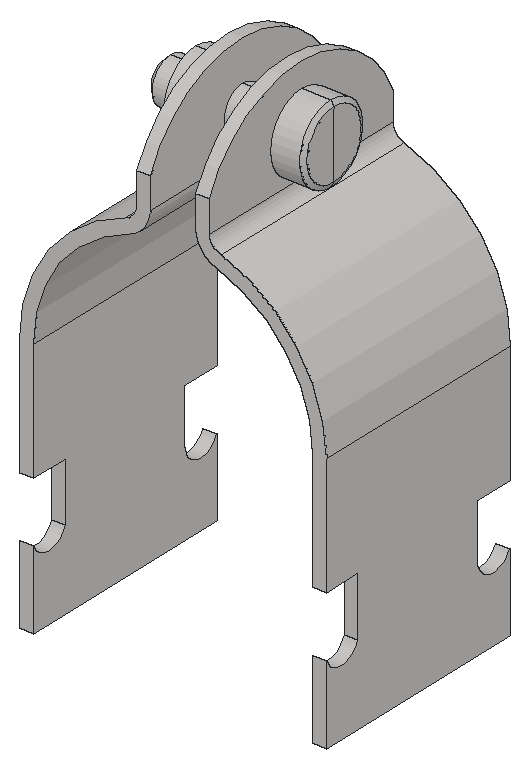
Revit family "Pipe-Clamp-Atkore-Thinwall-Conduit-P1429", category Specialty Equipment, Revit 2012
Parameters (values of type "P1429")
  ecoScorecard_data = ""
  ecoScorecard Product Page = ""
  Unit = Metal - Aluminum - Atkore - Electro - Galvanized
  URL = "http://unistrut.us/index.php"
  Thickness Gauge = 1.50 mm  # constant formula
  Subcategory = "Pipe Clamps"  # constant formula
  Product Page URL = ""
  Part Type = "Clamp"  # constant formula
  Part Number = "P1429"
  Overall Width = 42.73 mm
  Overall Height = 73.025 mm
  Overall Depth = 31.93 mm
  Outer Diameter = 38.40 mm
  Model = "P1429"  # constant formula
  Material = "Multiple Options - See Catalog"
  Manufacturer Toll Free Phone = "800-882-5543"  # constant formula
  Manufacturer Phone = "708-339-1610"  # constant formula
  Manufacturer Fax = "708-339-7814"  # constant formula
  Manufacturer Email = "mailto:questions@atkore.com"
  Manufacturer Address = "16100 South Lathrop Avenue, Harvey, IL 60426"  # constant formula
  Manufacturer = "Unistrut by Atkore International"  # constant formula
  Load Capacity Note = "Visit the product page for load application and capacity."  # constant formula
  Literature URL = ""
  Description = "Pipe Clamps For Thin Wall Conduit"  # constant formula
  Cost Info = "mailto:questions@atkore.com"
  Construction Note = ""
  Conduit Size = 31.80 mm
  CSI MasterSpec = ""
  CAD URL = ""
  Assembly Code = "D5090300"
  95 CSI = "16070"  # constant formula
  04 CSI = "26 05 48"  # constant formula
Reference planes
  plane 1 "Center (Front/Back)": y = 0
  plane 2: z = 0
  plane 3 "Center (Left/Right)": x = 0
  plane 4: y = 15.965
  plane 5: y = -15.965
  plane 6: x = -21.365
  plane 7: x = 21.365
  plane 8: z = 73.025
Dimensions and locks
  equal spacing: plane 4, plane 1 "Center (Front/Back)", plane 5
  "Overall Height": plane 8 to level
  "Overall Depth": plane 4 to plane 5
  "Overall Width": plane 6 to plane 7
  equal spacing: plane 6, plane 3 "Center (Left/Right)", plane 7
  aligned and locked: level to plane 2
  aligned and locked: plane 1 "Center (Front/Back)" to nested 1
  aligned and locked: plane 3 "Center (Left/Right)" to nested 1
Nested families
  nested 1: "P1429" at (0, 0, 0), type "P1429"
Definition of nested family "P1429"
  Parameters (values of type "P1429")
    Unit = none
    Thickness Gauge = 1.50 mm
    Outer Diameter = 38.40 mm
    Default Elevation = 1219.20 mm
    Conduit Size = 31.80 mm
  Reference planes
    plane 1 "Center (Front/Back)": y = 0
    plane 2: z = 0
    plane 3 "Center (Left/Right)": x = 0
    plane 4: y = -15.967
    plane 5: x = -21.352
    plane 6: x = 21.352
    plane 7: y = 15.967
    plane 8: z = 73.025
    plane 9: z = 19.431
    plane 10: z = 58.521
  Forms (mm)
    Extrusion 1, solid, material <- "Unit"
      sketch origin (0, 0, 0) x (0, 1, 0) y (0, 0, 1)
        loop
          line (15.967, 0) -> (15.967, 10.894)
          arc (15.967, 10.894) -> (12.601, 9.184) -> (10.227, 12.119) r 3.001
          line (10.227, 12.119) -> (10.227, 19.431) -> (-10.411, 19.431) -> (-10.411, 11.084)
          arc (-10.411, 11.084) -> (-13.125, 9.12) -> (-15.967, 10.894) r 3.001
          line (-15.967, 10.894) -> (-15.967, 0) -> (15.967, 0)
      from 19.447 to 21.352
    Extrusion 2, solid, material <- "Unit"
      sketch origin (0, 0, 0) x (1, 0, 0) y (0, 0, 1)
        loop
          arc (6.606, 56.42) -> (5.502, 57.223) -> (5.08, 58.521) r 2.21
          line (5.08, 58.521) -> (3.175, 58.521)
          arc (3.175, 58.521) -> (3.96, 56.103) -> (6.017, 54.608) r 4.115
          arc (6.017, 54.608) -> (15.735, 47.543) -> (19.447, 36.116) r 19.447
          line (19.447, 36.116) -> (19.447, 19.431) -> (21.352, 19.431) -> (21.352, 36.116)
          arc (21.352, 36.116) -> (17.277, 48.663) -> (6.606, 56.42) r 21.352
      from -15.967 to 15.967
    Extrusion 3, solid, material <- "Unit"
      sketch origin (0, 0, 0) x (0, 1, 0) y (0, 0, 1)
        loop
          line (-15.967, 62.837) -> (-15.967, 58.521) -> (15.967, 58.521) -> (15.967, 62.422)
          arc (15.967, 62.422) -> (0.135, 73.024) -> (-15.967, 62.837) r 17.462
      from 3.175 to 5.08
    Extrusion 4, solid, material <- "Unit"
      sketch origin (0, 0, 0) x (0, 1, 0) y (0, 0, -1)
        loop
          line (15.967, 0) -> (-15.967, 0) -> (-15.967, -10.894)
          arc (-15.967, -10.894) -> (-13.125, -9.12) -> (-10.411, -11.084) r 3.001
          line (-10.411, -11.084) -> (-10.411, -19.431) -> (10.227, -19.431) -> (10.227, -12.119)
          arc (10.227, -12.119) -> (12.601, -9.184) -> (15.967, -10.894) r 3.001
          line (15.967, -10.894) -> (15.967, 0)
      from 19.447 to 21.352
    Extrusion 5, solid, material <- "Unit"
      sketch origin (0, 0, 0) x (-1, 0, 0) y (0, 0, -1)
        loop
          arc (6.606, -56.42) -> (17.277, -48.663) -> (21.352, -36.116) r 21.352
          line (21.352, -36.116) -> (21.352, -19.431) -> (19.447, -19.431) -> (19.447, -36.116)
          arc (19.447, -36.116) -> (15.735, -47.543) -> (6.017, -54.608) r 19.447
          arc (6.017, -54.608) -> (3.96, -56.103) -> (3.175, -58.521) r 4.115
          line (3.175, -58.521) -> (5.08, -58.521)
          arc (5.08, -58.521) -> (5.502, -57.223) -> (6.606, -56.42) r 2.21
      from -15.967 to 15.967
    Extrusion 6, solid, material <- "Unit"
      sketch origin (0, 0, 0) x (0, 1, 0) y (0, 0, -1)
        loop
          arc (-15.967, -62.837) -> (0.135, -73.024) -> (15.967, -62.422) r 17.462
          line (15.967, -62.422) -> (15.967, -58.521) -> (-15.967, -58.521) -> (-15.967, -62.837)
      from 3.175 to 5.08
    Revolve 7, solid, material <- "Unit"
      sketch origin (0, 0, 0) x (1, 0, 0) y (0, 0, 1)
        loop
          line (-13.081, 67.469) -> (-13.97, 66.58) -> (-13.97, 64.294) -> (-5.08, 64.294) -> (-5.08, 69.85) -> (-9.563, 69.85)
          arc (-9.563, 69.85) -> (-10.204, 68.706) -> (-10.636, 67.469) r 7.52
          line (-10.636, 67.469) -> (-13.081, 67.469)
        loop
          line (3.175, 67.469) -> (-3.175, 67.469) -> (-3.175, 64.294) -> (3.175, 64.294) -> (3.175, 67.469)
        loop
          line (9.257, 69.734) -> (5.08, 69.734) -> (5.08, 64.294) -> (9.677, 64.294) -> (9.677, 69.005) -> (9.257, 69.734)
        axis (-13.97, 64.294) -> (9.677, 64.294)
      angle from 0 to 360
  Cuts and joins
    joined: Extrusion 1, Extrusion 2, Extrusion 3
    joined: Extrusion 4, Extrusion 5, Extrusion 6
  Dimensions and locks
    equal spacing: plane 5, plane 3 "Center (Left/Right)", plane 6
    equal spacing: plane 4, plane 1 "Center (Front/Back)", plane 7
    aligned and locked: plane 2 to level
    aligned and locked: Extrusion 2 to plane 7
    aligned and locked: Extrusion 2 to plane 4
  Automatic sketch dimensions
    Extrusion 1 sketch curve to level = 0.00 mm
    Extrusion 1 sketch curve to plane 4 = 0.00 mm
    plane 9 to Extrusion 1 sketch curve = 0.00 mm
    Extrusion 1 sketch curve to plane 7 = 0.00 mm
    plane 4 to Extrusion 1 sketch curve = 2.739 mm
    Extrusion 1 sketch curve to Extrusion 1 sketch curve = 2.817 mm
    plane 7 to Extrusion 1 sketch curve = 5.74 mm
    plane 7 to Extrusion 1 sketch curve = 2.739 mm
    plane 9 to Extrusion 1 sketch curve = 8.537 mm  (x2)
    Extrusion 1 sketch curve to Extrusion 1 sketch curve = 0.19 mm
    Extrusion 2 sketch curve to Extrusion 2 sketch curve = 0.00 mm  (x5)
    Extrusion 2 sketch curve to plane 3 "Center (Left/Right)" = 0.00 mm
    Extrusion 2 sketch curve to plane 10 = 0.00 mm
    Extrusion 2 sketch curve to plane 9 = 0.00 mm
    Extrusion 2 sketch curve to plane 6 = 0.00 mm
    plane 3 "Center (Left/Right)" to Extrusion 2 sketch curve = 3.175 mm
    Extrusion 2 sketch curve to Extrusion 2 sketch curve = 1.905 mm
    plane 10 to Extrusion 2 sketch curve = 3.913 mm
    Extrusion 2 sketch curve to Extrusion 2 sketch curve = 0.937 mm
    Extrusion 3 sketch curve to plane 4 = 0.00 mm
    Extrusion 3 sketch curve to plane 7 = 0.00 mm
    plane 10 to Extrusion 3 sketch curve = 0.00 mm
    plane 1 "Center (Front/Back)" to Extrusion 3 sketch curve = 0.092 mm
    plane 10 to Extrusion 3 sketch curve = 2.959 mm
    Extrusion 3 sketch curve to plane 10 = 3.90 mm
    Extrusion 4 sketch curve to level = 0.00 mm
    Extrusion 4 sketch curve to plane 4 = 0.00 mm
    plane 9 to Extrusion 4 sketch curve = 0.00 mm
    Extrusion 4 sketch curve to plane 7 = 0.00 mm
    plane 4 to Extrusion 4 sketch curve = 2.739 mm
    Extrusion 4 sketch curve to Extrusion 4 sketch curve = 2.817 mm
    plane 7 to Extrusion 4 sketch curve = 5.74 mm
    plane 7 to Extrusion 4 sketch curve = 2.739 mm
    plane 9 to Extrusion 4 sketch curve = 7.312 mm  (x2)
    Extrusion 4 sketch curve to Extrusion 4 sketch curve = 1.035 mm
    Extrusion 5 sketch curve to Extrusion 5 sketch curve = 0.00 mm  (x5)
    Extrusion 5 sketch curve to plane 3 "Center (Left/Right)" = 0.00 mm
    Extrusion 5 sketch curve to plane 10 = 0.00 mm
    Extrusion 5 sketch curve to plane 9 = 0.00 mm
    Extrusion 5 sketch curve to plane 5 = 0.00 mm
    plane 3 "Center (Left/Right)" to Extrusion 5 sketch curve = 3.175 mm
    Extrusion 5 sketch curve to Extrusion 5 sketch curve = 1.905 mm
    Extrusion 5 sketch curve to plane 10 = 3.913 mm
    Extrusion 5 sketch curve to Extrusion 5 sketch curve = 0.937 mm
    Extrusion 6 sketch curve to plane 4 = 0.00 mm
    Extrusion 6 sketch curve to plane 7 = 0.00 mm
    plane 10 to Extrusion 6 sketch curve = 0.00 mm
    plane 1 "Center (Front/Back)" to Extrusion 6 sketch curve = 0.092 mm
    Extrusion 6 sketch curve to plane 10 = 3.90 mm
    Extrusion 6 sketch curve to Extrusion 6 sketch curve = 4.316 mm
    plane 5 to Revolve 7 sketch curve = 7.382 mm
    plane 8 to Revolve 7 sketch curve = 5.556 mm
    Revolve 7 sketch curve to Revolve 7 sketch curve = 0.889 mm  (x2)
    Revolve 7 sketch curve to Revolve 7 sketch curve = 2.445 mm
    Revolve 7 sketch curve to Revolve 7 sketch curve = 1.073 mm
    Revolve 7 sketch curve to plane 3 "Center (Left/Right)" = 5.08 mm
    Revolve 7 sketch curve to Revolve 7 sketch curve = 1.732 mm
    Revolve 7 sketch curve to Revolve 7 sketch curve = 0.173 mm
    Revolve 7 sketch curve to plane 3 "Center (Left/Right)" = 0.863 mm
    plane 3 "Center (Left/Right)" to Revolve 7 sketch curve = 3.175 mm
    Revolve 7 sketch curve to Revolve 7 sketch curve = 1.905 mm
    Revolve 7 sketch curve to Revolve 7 sketch curve = 4.057 mm
    plane 8 to Revolve 7 sketch curve = 3.291 mm
    Revolve 7 sketch curve to Revolve 7 sketch curve = 4.177 mm
    Revolve 7 sketch curve to Revolve 7 sketch curve = 0.54 mm
    Revolve 7 sketch curve to plane 10 = 7.095 mm
    Revolve 7 sketch curve to Revolve 7 sketch curve = 5.441 mm
    Revolve 7 sketch curve to Revolve 7 sketch curve = 1.323 mm
    Revolve 7 sketch curve to Revolve 7 sketch curve = 0.00 mm  (x2)
    Revolve 7 sketch curve to Revolve 7 sketch curve = 2.266 mm
    Revolve 7 sketch curve to Revolve 7 sketch curve = 0.729 mm
